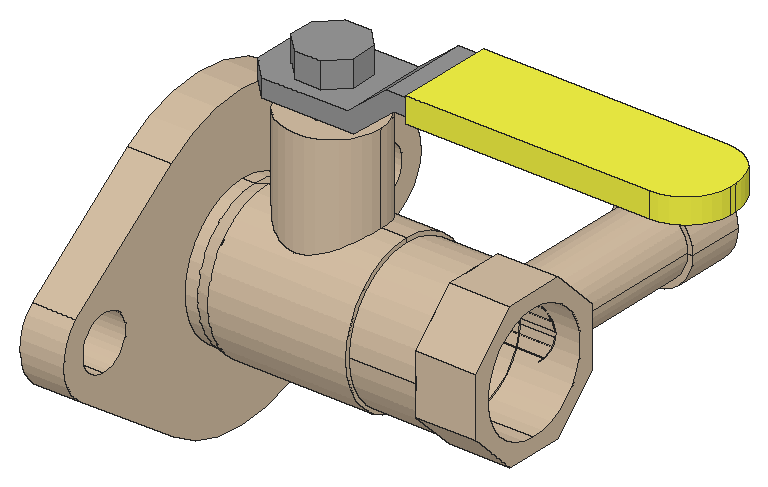
Revit family "490D Ball Valve", category Pipe Accessories, Revit 2018
Family settings
  Round Connector Dimension = Use Diameter
  Part Type = Valve - Normal
  OmniClass Number = 23.60.30.11.14
  OmniClass Title = Pipework Fittings
  Work Plane-Based = No
  Always vertical = Yes
  Cut with Voids When Loaded = No
  Shared = No
Parameters
  Y1 [instance] = size_lookup(LookupTable, "Y1", 0", Nominal Diameter)  # 4.03"
  X8 [instance] = size_lookup(LookupTable, "X8", 0", Nominal Diameter)  # 0.394"
  Weight [instance] = size_lookup(LookupTable, "Weight", "NA", Nominal Diameter)  # "1.66 lbs."
  URL = "http://www.fnw.com"
  Standards Lookup Table = "Standards"  # constant formula
  R4 [instance] = size_lookup(LookupTable, "R4", 0", Nominal Diameter)  # 0.65349"
  Product ID Handle [instance] = ""
  Product ID [instance] = size_lookup(LookupTable, "ProductID", "NA", Nominal Diameter)  # "4203988"
  Pipe Diameter [instance] = size_lookup(Standards Lookup Table, "pipe_dia", 0", Nominal Diameter)  # 1.05"
  Pin Height [instance] = [1_Z2] + Z3  # 0.39878"
  Part Number Handle [instance] = ""
  Part Number [instance] = size_lookup(LookupTable, "PartNumber", "NA", Nominal Diameter)  # "FNW490F"
  PIpe Radius [instance] = Pipe Diameter / 2  # 0.525"
  ODR [instance] = size_lookup(LookupTable, "ODR", 0", Nominal Diameter)  # 3/8"
  NPT Insert [instance] = size_lookup(Standards Lookup Table, "NPT_insert", 0", Nominal Diameter)  # 0.5457"
  L2 [instance] = size_lookup(LookupTable, "L2", 0", Nominal Diameter)  # 2.52"
  Flange Angle [instance] = 53.8619°
  DR5 [instance] = D5 / 2  # 1.37"
  D6R [instance] = size_lookup(LookupTable, "D6", 0", Nominal Diameter) / 2  # 0.32"
  Manufacturer = "FNW"  # constant formula
  L1 [instance] = size_lookup(LookupTable, "L1", 0", Nominal Diameter)  # 0.90349"
  Flange_R = 29/64"  # constant formula
  Flange_HoleR = 63/128" / 2  # 63/256"
  Description BOM Handle [instance] = ""
  Description BOM [instance] = size_lookup(LookupTable, "Description_BOM", "NA", Nominal Diameter)  # "Not For Potable Use 3/4 THRD PIV W/ROT FLG"
  D5 [instance] = size_lookup(LookupTable, "D5", 0", Nominal Diameter)  # 2.74"
  1_Z2 [instance] = size_lookup(LookupTable, "1_Z2", 0", Nominal Diameter)  # 0.1644"
  1_Z1 [instance] = size_lookup(LookupTable, "1_Z1", 0", Nominal Diameter)  # 0.30026"
  Z3 [instance] = size_lookup(LookupTable, "Z3", 0", Nominal Diameter)  # 15/64"
  Z2 [instance] = size_lookup(LookupTable, "Z2", 0", Nominal Diameter)  # 1.65349"
  Z1 [instance] = size_lookup(LookupTable, "Z1", 0", Nominal Diameter)  # 1.48909"
  1_Y1 [instance] = size_lookup(LookupTable, "1_Y1", 0", Nominal Diameter)  # 0.81"
  1_X4 [instance] = size_lookup(LookupTable, "1_X4", 0", Nominal Diameter)  # 0.5172"
  1_X1 [instance] = size_lookup(LookupTable, "1_X1", 0", Nominal Diameter)  # 1.0344"
  1_X3 [instance] = size_lookup(LookupTable, "1_X3", 0", Nominal Diameter)  # 3.62"
  X7 [instance] = size_lookup(LookupTable, "X7", 0", Nominal Diameter)  # 1.212"
  X5 [instance] = size_lookup(LookupTable, "X5", 0", Nominal Diameter)  # 0.5457"
  X4 [instance] = size_lookup(LookupTable, "X4", 0", Nominal Diameter)  # 0.606"
  X3 [instance] = size_lookup(LookupTable, "X3", 0", Nominal Diameter)  # 1.1131"
  X2 [instance] = size_lookup(LookupTable, "X2", 0", Nominal Diameter)  # 0.1212"
  1_X2 [instance] = size_lookup(LookupTable, "1_X2", 0", Nominal Diameter)  # 0.30026"
  X1 [instance] = size_lookup(LookupTable, "X1", 0", Nominal Diameter)  # 1/4"
  Show Lever Clearance [instance] = no
  R3 [instance] = size_lookup(LookupTable, "R3", 0", Nominal Diameter)  # 0.65349"
  R2 [instance] = size_lookup(LookupTable, "R2", 0", Nominal Diameter)  # 0.68617"
  R1_Diam [instance] = R1 * 2  # 1.30698"
  R1 [instance] = size_lookup(LookupTable, "R1", 0", Nominal Diameter)  # 0.65349"
  Nominal Radius [instance] = Nominal Diameter / 2  # 3/8"
  Nominal Diameter [instance] = 3/4"
  LookupTable = "valve-ball-2p-pump-thd-drain-std-lever 490D.rfa"  # constant formula
  HexAngle1 [instance] = 135.00°  # constant formula
  D3 [instance] = size_lookup(LookupTable, "D3", 0", Nominal Diameter)  # 9/16"
  D2 [instance] = size_lookup(LookupTable, "D2", 0", Nominal Diameter)  # 3/8"
  D1 [instance] = size_lookup(LookupTable, "D1", 0", Nominal Diameter)  # 0.87"
Reference planes (in)
  plane 1 "Center (Front/Back)": y = 0
  plane 2: z = 0
  plane 3 "Center (Left/Right)": x = 0
  plane 4 "X7 End": x = -1.212
  plane 5 "Pipe radius": z = 0.525
  plane 6: x = -0.818
  plane 7: x = -0.568
  plane 8: x = -0.4468
  plane 9: x = 0.6663
  plane 10 "X5 Plane": x = 1.2723
  plane 11: z = 1.37
  plane 12: z = -1.37
  plane 13: y = 2.015
  plane 14: y = -2.015
  plane 15: z = 1.48909
  plane 16 "Z2": z = 1.65349
  plane 17: x = 1.818
  plane 18: y = 0.90349
  plane 19: x = 1.2723
  plane 20: y = 2.52
Forms (in)
  Extrusion 1, solid, material "Bronze, Cast_01"
    sketch origin (0, 0, 0) x (1, 0, 0) y (0, 1, 0)
      loop
        circle (0, 0) r 0.1875
    from 1.48909 to 1.65349
  Extrusion 2, solid, material "Bronze, Cast_01"
    sketch origin (0, 0, 0) x (0, 1, 0) y (0, 0, 1)
      loop
        circle (0, 0) r 0.525
      loop
        circle (0, 0) r 0.65349
    from 0.6663 to 1.2723
  Extrusion 3, solid, material "Bronze, Cast_01", not visible
    sketch origin (-0.5313, 0, 0) x (0, 0, 1) y (0, -1, 0)
      loop
        circle (0, 0) r 0.375
    from -0.2867 to 1.8036
  Extrusion 4, solid, material "Bronze, Cast_01"
    sketch origin (0, 0, 0.8756) x (-1, 0, 0) y (0, -1, 0)
      loop
        circle (0, 0) r 0.435
    from -0.3506 to 0.61349
  Revolve 5, solid, material "Bronze, Cast_01"
    sketch origin (0, 0, 0) x (1, 0, 0) y (0, 0, 1)
      loop
        line (-0.818, 0.65349) -> (-0.818, 0.525) -> (0.6663, 0.525) -> (0.6663, 0.68617) -> (-0.58002, 0.68617) -> (-0.70128, 0.65349) -> (-0.818, 0.65349)
      axis (0.6663, 0) -> (-0.818, 0)
    angle from 0 to 360
  Extrusion 6, solid, material "Bronze, Cast_01"
    sketch origin (1.2723, 0, 0) x (0, 0, 1) y (0, -1, 0)
      loop
        line (0.27068, -0.65349) -> (0.65349, -0.27068) -> (0.65349, 0.27068) -> (0.27068, 0.65349) -> (-0.27068, 0.65349) -> (-0.65349, 0.27068) -> (-0.65349, -0.27068) -> (-0.27068, -0.65349) -> (0.27068, -0.65349)
      loop
        circle (0, 0) r 0.525
    from 0 to 0.5457
  Revolve 7, solid, material "Bronze, Cast_01"
    sketch origin (0, 0, 0) x (1, 0, 0) y (0, 1, 0)
      loop
        line (1.2723, 0) -> (1.5923, 0) -> (1.5923, 2.015) -> (1.6473, 2.015) -> (1.6473, 2.52) -> (1.2723, 2.52) -> (1.2723, 0)
      axis (1.2723, 0) -> (1.2723, 2.52)
    angle from 0 to 360
  Extrusion 8, void
    sketch origin (1.2723, 0, 0) x (0, 0, 1) y (0, -1, 0)
      loop
        circle (0, 0) r 0.525
    from -0.606 to 0.5457
Cuts and joins
  Extrusion 8 cuts Revolve 7
Dimensions and locks (in)
  "X7": plane 4 "X7 End" to plane 3 "Center (Left/Right)"
  "PIpe Radius": plane 5 "Pipe radius" to plane 2
  "X8": plane 4 "X7 End" to plane 6
  "X1": plane 7 to plane 6
  "X2": plane 8 to plane 7
  "X3": plane 9 to plane 8
  "X4": plane 10 "X5 Plane" to plane 9
  "PIpe Radius": Revolve 5 sketch curve to plane 2
  "R1": Revolve 5 sketch curve to plane 2
  "R2": Revolve 5 sketch curve to plane 2
  "R4": Extrusion 6 sketch curve to plane 1 "Center (Front/Back)"
  "R4": plane 1 "Center (Front/Back)" to Extrusion 6 sketch curve
  "R4": Extrusion 6 sketch curve to plane 2  (x6)
  equal spacing: plane 11, plane 2, plane 12
  "D5": plane 11 to plane 12
  equal spacing: plane 13, plane 1 "Center (Front/Back)", plane 14
  "Y1": plane 13 to plane 14
  "Z1": plane 15 to plane 2
  "Z2": plane 16 "Z2" to plane 2
  "X5": plane 17 to plane 10 "X5 Plane"
  "L1": plane 1 "Center (Front/Back)" to plane 18
  "X5": plane 19 to plane 17
  "D6R": plane 19 to Revolve 7 sketch curve
  "NPT Insert": plane 17 to Extrusion 3
  "L2": plane 20 to plane 1 "Center (Front/Back)"
  "ODR": plane 19 to Revolve 7 sketch curve
  "D2": diameter of Extrusion 1 sketch curve
  "PIpe Radius": radius of Extrusion 2 sketch curve
  "Nominal Radius": radius of Extrusion 3 sketch curve
  "D1": diameter of Extrusion 4 sketch curve
  "R4": radius of Extrusion 2 sketch curve
  "PIpe Radius": radius of Extrusion 6 sketch curve
  "PIpe Radius": radius of Extrusion 8 sketch curve
  "HexAngle1": angle Extrusion 6 sketch curve to Extrusion 6 sketch curve  (x7)
  aligned and locked: plane 2 to level
  aligned and locked: Extrusion 4 to plane 5 "Pipe radius"
  aligned and locked: Extrusion 2 to plane 9
  aligned and locked: plane 10 "X5 Plane" to Extrusion 2
  aligned and locked: plane 2 to Revolve 5 sketch curve
  aligned and locked: Revolve 5 sketch curve to plane 6
  aligned and locked: Revolve 5 sketch curve to plane 9
  aligned and locked: Extrusion 3 to plane 6
  aligned and locked: plane 15 to Extrusion 4
  aligned and locked: Extrusion 1 to plane 15
  aligned and locked: plane 16 "Z2" to Extrusion 1
  aligned and locked: plane 17 to Extrusion 6
  aligned and locked: Revolve 7 sketch curve to plane 19
  aligned and locked: Extrusion 6 to Extrusion 8
  aligned and locked: Extrusion 8 to plane 9
  aligned and locked: plane 4 "X7 End" to nested 2
  aligned and locked: Revolve 7 sketch curve to plane 20
  aligned and locked: Revolve 7 sketch curve to plane 13
Automatic sketch dimensions
  plane 1 "Center (Front/Back)" to Extrusion 1 sketch curve = 0"
  Extrusion 1 sketch curve to plane 3 "Center (Left/Right)" = 0"
  Extrusion 2 sketch curve to Extrusion 2 sketch curve = 0"  (x2)
  Extrusion 2 sketch curve to level = 0"
  Extrusion 2 sketch curve to plane 1 "Center (Front/Back)" = 0"
  Extrusion 3 sketch curve to level = 0"
  Extrusion 3 sketch curve to plane 1 "Center (Front/Back)" = 0"
  plane 1 "Center (Front/Back)" to Extrusion 4 sketch curve = 0"
  Extrusion 4 sketch curve to plane 3 "Center (Left/Right)" = 0"
  plane 6 to Revolve 5 sketch curve = 0.11672"
  Revolve 5 sketch curve to plane 7 = 0.01202"
  plane 4 "X7 End" to Revolve 5 sketch curve = 0.35912"
  Revolve 5 sketch curve to plane 3 "Center (Left/Right)" = 0.19928"
  Extrusion 6 sketch curve to level = 0"
  Extrusion 6 sketch curve to plane 1 "Center (Front/Back)" = 0"
  plane 1 "Center (Front/Back)" to Revolve 7 sketch curve = 0"  (x2)
  Revolve 7 sketch curve to plane 10 "X5 Plane" = 0"
  plane 13 to Revolve 7 sketch curve = 0.36738"
  Extrusion 8 sketch curve to level = 0"
  Extrusion 8 sketch curve to plane 1 "Center (Front/Back)" = 0"
Nested families (in)
  nested 1: "Nested Lever_470" at (0, 0, 1.65349), Show Lever Clearance <- "Show Lever Clearance", D3 <- "D3", Z3 <- "Z3", 1_X1 <- "1_X1", 1_X2 <- "1_X2", 1_X3 <- "1_X3", 1_X4 <- "1_X4", 1_Y1 <- "1_Y1", 1_Z1 <- "1_Z1", 1_Z2 <- "1_Z2", type "Nested Lever_470"
    with Z3 15/64", Void_Outer_Radius 0.4675", Void_Outer 0.935", Show Lever Clearance no, Grip_L3 0.2269", Grip_L2 0.19565", Grip_L1 1/32", D3_Half 3/16", D3 9/16", Clearance Hieght 6", Angle Hex Head 135.00°, 1_Z2 0.1644", 1_Z1 0.30026", 1_Y1_Half 0.405", 1_Y1 0.81", 1_X4 0.5172", 1_X3_and_1__Y1_Half 4.025", 1_X3 3.62", 1_X2 0.30026", 1_X1 1.0344"
  nested 2: "flange400series" at (0.04, 0, 0), Pipe size <- "PIpe Radius", type "flange400series"
    with Pipe size 0.525", D5 2.74"
Connectors (in)
  piping at (1.2723, 0, 0), diameter 0.75, driven by "Nominal Diameter"
    settings: on Extrusion 3, index 1, connector inside diameter 24", connector length 0", flow factor 0, pipe flow 0 GPM, pressure drop 0.00 psi, fitting loss kfactor 0, connector angle 0.00°, fixture units 0, engagement length 0", angle of deflection 0.00°, flow configuration 0, flow direction 0, fitting loss method 0, system type 7, joint type 0, gender type 0, connector reference index -1, connector utility 0, adjustable connector no, is connector primary yes, connector description ""
  piping at (-0.818, 0, 0), diameter 0.75, driven by "Nominal Diameter"
    settings: on Extrusion 3, index 2, connector inside diameter 24", connector length 0", flow factor 0, pipe flow 0 GPM, pressure drop 0.00 psi, fitting loss kfactor 0, connector angle 0.00°, fixture units 0, engagement length 0", angle of deflection 0.00°, flow configuration 0, flow direction 0, fitting loss method 0, system type 7, joint type 0, gender type 0, connector reference index -1, connector utility 0, adjustable connector no, is connector primary no, connector description ""
Definition of nested family "Nested Lever_470"
  Parameters (values of type "Nested Lever_430")
    Z3 [instance] = 1/8"
    Angle 2 = 45.00°  # constant formula
    1_Z2 [instance] = 1/8"
    1_Z1 [instance] = 1 1/4"
    1_Y1_Half [instance] = [1_Y1] / 2  # 1"
    1_Y1 [instance] = 2"
    1_X1 [instance] = 2 1/2"
    1_X3_and_1__Y1_Half [instance] = [1_X3] + [1_Y1_Half]  # 13.66198"
    1_X3 [instance] = 12.66198"
    1_X2 [instance] = 1 1/2"
    Void_Outer_Radius [instance] = Void_Outer / 2  # 1 1/16"
    Void_Outer [instance] = [1_Y1] + Grip_L1 * 4  # 2 1/8"
    Show Lever Clearance [instance] = yes
    Grip_L3 [instance] = Grip_L1 + Grip_L2  # 3/16"
    Grip_L1 [instance] = 1/32"  # constant formula
    Grip_L2 [instance] = [1_Z2] + Grip_L1  # 5/32"
    Default Elevation = 48"
    D3_Half [instance] = D3 / 3  # 0.23251"
    D3 [instance] = 0.69752"
    Clearance Hieght [instance] = 6"  # constant formula
    Angle Hex Head [instance] = 135.00°  # constant formula
    1_X4 [instance] = 1"
  Reference planes (in)
    plane 1 "Center (Front/Back)": y = 0
    plane 2: z = 0
    plane 3 "Center (Left/Right)": x = 0
    plane 4: z = 0.125
    plane 5: x = -1
    plane 6: x = 12.66198
    plane 7: y = 1
    plane 8: y = -1
    plane 9: x = 1.5
    plane 10: x = 3
    plane 11: z = 1.375
    plane 12: z = 1.25
    plane 13: z = 0.25
    plane 14: z = 1.40625
    plane 15: z = 1.21875
    plane 16: x = 3.15625
    plane 17: y = 1.03125
    plane 18: y = -1.03125
  Forms (in)
    Extrusion 1, solid
      sketch origin (0, 0, 0) x (1, 0, 0) y (0, 1, 0)
        loop
          line (-48, 48) -> (-48, -48) -> (48, -48) -> (48, 48) -> (-48, 48)
      from 0 to -12
    Extrusion 2, solid
      sketch origin (0, 0, 0) x (1, 0, 0) y (0, 0, 1)
        loop
          line (1.30132, 0) -> (1.5, 0) -> (3.04425, 1.25) -> (4.15625, 1.25) -> (4.15625, 1.375) -> (3, 1.375) -> (1.30132, 0)
      from -1 to 1
    Extrusion 3, solid
      sketch origin (0, 0, 0) x (1, 0, 0) y (0, 1, 0)
        loop
          line (0.34876, 0.14446) -> (0.14446, 0.34876) -> (-0.14446, 0.34876) -> (-0.34876, 0.14446) -> (-0.34876, -0.14446) -> (-0.14446, -0.34876) -> (0.14446, -0.34876) -> (0.34876, -0.14446) -> (0.34876, 0.14446)
      from 0.125 to 0.25
    Extrusion 4, solid
      sketch origin (0, 0, 0) x (1, 0, 0) y (0, 1, 0)
        loop
          line (11.66198, 1.03125) -> (3.15625, 1.03125) -> (3.15625, -1.03125) -> (11.66198, -1.03125)
          arc (11.66198, -1.03125) -> (12.36908, -0.73836) -> (12.66198, -0.03125) r 1
          line (12.66198, -0.03125) -> (12.66198, 0.03125)
          arc (12.66198, 0.03125) -> (12.36908, 0.73836) -> (11.66198, 1.03125) r 1
      from 1.21875 to 1.40625
    Extrusion 5, solid, visible <- "Show Lever Clearance"
      sketch origin (0, 0, 0) x (1, 0, 0) y (0, 1, 0)
        loop
          line (-1, 1) -> (-1, -12.66198)
          arc (-1, -12.66198) -> (8.66048, -8.66048) -> (12.66198, 1) r 13.66198
          line (12.66198, 1) -> (-1, 1)
      from 0 to 6 <- "Clearance Hieght"
    Extrusion 6, solid
      sketch origin (0, 0, 0) x (1, 0, 0) y (0, 1, 0)
        loop
          line (1.5, -1) -> (1.5, 1) -> (-0.5, 1) -> (-1, 0.5) -> (-1, -0.5) -> (-0.5, -1) -> (1.5, -1)
      from 0 to 0.125
  Cuts and joins
    joined: Extrusion 2, Extrusion 6
  Lines and regions (in)
    reference lines
      curve 1: line (0, 0, 3.375) -> (0, 0, -1.625)
  Dimensions and locks (in)
    "1_Z2": plane 4 to plane 2
    "1_X4": plane 3 "Center (Left/Right)" to plane 5
    "1_X3": plane 6 to plane 3 "Center (Left/Right)"
    equal spacing: plane 7, plane 1 "Center (Front/Back)", plane 8
    "1_Y1": plane 7 to plane 8
    "1_X1": plane 9 to plane 5
    "1_X2": plane 10 to plane 9
    "1_Z1": plane 11 to plane 4
    "1_Z2": plane 11 to plane 12
    equal spacing: Extrusion 3 sketch curve, curve 1, Extrusion 3 sketch curve  (x4)
    "D3": Extrusion 3 sketch curve to Extrusion 3 sketch curve  (x4)
    "Z3": plane 13 to plane 4
    "Grip_L1": plane 14 to plane 11
    "Grip_L2": plane 11 to plane 15
    "Grip_L2": plane 16 to plane 10
    "Grip_L1": plane 8 to plane 18
    "Grip_L1": plane 17 to plane 7
    "1_Y1_Half": plane 16 to Extrusion 2
    "1_X3_and_1__Y1_Half": Extrusion 5 sketch curve to Extrusion 5 sketch curve  (x2)
    equal spacing: Extrusion 6 sketch curve, plane 1 "Center (Front/Back)", Extrusion 6 sketch curve
    "1_Y1_Half": Extrusion 6 sketch curve to Extrusion 6 sketch curve
    "1_Z2": Extrusion 2 sketch curve to Extrusion 2 sketch curve
    "1_Y1_Half": radius of Extrusion 4 sketch curve  (x2)
    "1_X3_and_1__Y1_Half": radius of Extrusion 5 sketch curve
    "Angle Hex Head": angle Extrusion 3 sketch curve to Extrusion 3 sketch curve  (x6)
    "Angle 2": angle plane 5 to Extrusion 6 sketch curve
    "Angle 2": angle Extrusion 6 sketch curve to plane 5
    aligned and locked: plane 2 to Extrusion 1
    aligned and locked: level to Extrusion 1
    aligned and locked: plane 10 to Extrusion 2 sketch curve
    aligned and locked: plane 12 to Extrusion 2 sketch curve
    aligned and locked: plane 11 to Extrusion 2 sketch curve
    aligned and locked: curve 1 to plane 3 "Center (Left/Right)"
    aligned and locked: plane 4 to Extrusion 3
    aligned and locked: Extrusion 3 to plane 13
    aligned and locked: Extrusion 4 sketch curve to plane 16
    aligned and locked: Extrusion 4 sketch curve to plane 18
    aligned and locked: plane 17 to Extrusion 4 sketch curve
    aligned and locked: Extrusion 4 to plane 15
    aligned and locked: Extrusion 4 to plane 14
    aligned and locked: Extrusion 2 to plane 8
    aligned and locked: plane 7 to Extrusion 2
    aligned and locked: plane 9 to Extrusion 6 sketch curve
    aligned and locked: Extrusion 6 sketch curve to plane 5
    aligned and locked: Extrusion 6 to plane 4
  Automatic sketch dimensions
    Extrusion 1 sketch curve to Extrusion 1 sketch curve = 96"  (x2)
    curve 1 to level = 1 5/8"
    curve 1 to plane 11 = 2"
    Extrusion 2 sketch curve to level = 0"
    Extrusion 2 sketch curve to plane 9 = 0"
    plane 16 to Extrusion 2 sketch curve = 1"
    Extrusion 4 sketch curve to plane 6 = 0"
    Extrusion 5 sketch curve to plane 5 = 0"
    Extrusion 5 sketch curve to plane 7 = 0"
    Extrusion 6 sketch curve to plane 8 = 0"
    Extrusion 6 sketch curve to plane 7 = 0"
Definition of nested family "flange400series"
  Parameters (values of type "flange400series")
    Pipe size [instance] = 0.58927"
    Flange_R = 29/64"
    Flange_HoleR = 63/256"
    D5 [instance] = 2.74"
  Reference planes (in)
    plane 1 "Center (Front/Back)": y = 0
    plane 2: z = 0
    plane 3 "Center (Left/Right)": x = 0
    plane 4: y = 1.56187
    plane 5: y = -1.56188
    plane 6: through (0, 2.0485, 0.525) normal (0, -0.757, 0.6534)
    plane 7: through (0, -2.0485, 0.525) normal (0, -0.757, -0.6534)
  Forms (in)
    Extrusion 1, solid
      sketch origin (-0.5313, 0, 0) x (0, 0, 1) y (0, -1, 0)
        loop
          arc (1.11324, -0.7985) -> (1.37, 0) -> (1.11324, 0.7985) r 1.37
          line (1.11324, 0.7985) -> (0.32592, 1.87667)
          arc (0.32592, 1.87667) -> (-0.01269, 2.01482) -> (-0.34303, 1.85794) r 0.45312
          line (-0.34303, 1.85794) -> (-1.11324, 0.76773)
          arc (-1.11324, 0.76773) -> (-1.3523, 0) -> (-1.11324, -0.76773) r 1.3523
          line (-1.11324, -0.76773) -> (-0.34303, -1.85794)
          arc (-0.34303, -1.85794) -> (-0.01269, -2.01482) -> (0.32592, -1.87667) r 0.45312
          line (0.32592, -1.87667) -> (1.11324, -0.7985)
        loop
          circle (0, -1.56187) r 0.24609
        loop
          circle (0, 1.56188) r 0.24609
        loop
          circle (0, 0) r 0.58927
      from -0.7207 to -0.3267
  Dimensions and locks (in)
    "Flange_R": radius of Extrusion 1 sketch curve  (x2)
    "Flange_HoleR": radius of Extrusion 1 sketch curve  (x2)
    "Pipe size": radius of Extrusion 1 sketch curve
    aligned and locked: plane 2 to level
  Automatic sketch dimensions
    Extrusion 1 sketch curve to Extrusion 1 sketch curve = 0"  (x11)
    Extrusion 1 sketch curve to level = 0"  (x3)
    plane 7 to Extrusion 1 sketch curve = 0"  (x2)
    Extrusion 1 sketch curve to plane 6 = 0"
    Extrusion 1 sketch curve to plane 4 = 0"
    Extrusion 1 sketch curve to plane 1 "Center (Front/Back)" = 0"
    Extrusion 1 sketch curve to plane 5 = 0"
    plane 5 to Extrusion 1 sketch curve = 0.29607"
    Extrusion 1 sketch curve to level = 1.11324"  (x2)
    level to Extrusion 1 sketch curve = 1.11324"  (x2)
    plane 4 to Extrusion 1 sketch curve = 0.76338"
    Extrusion 1 sketch curve to plane 1 "Center (Front/Back)" = 0.76773"
    Extrusion 1 sketch curve to plane 4 = 0.29607"
